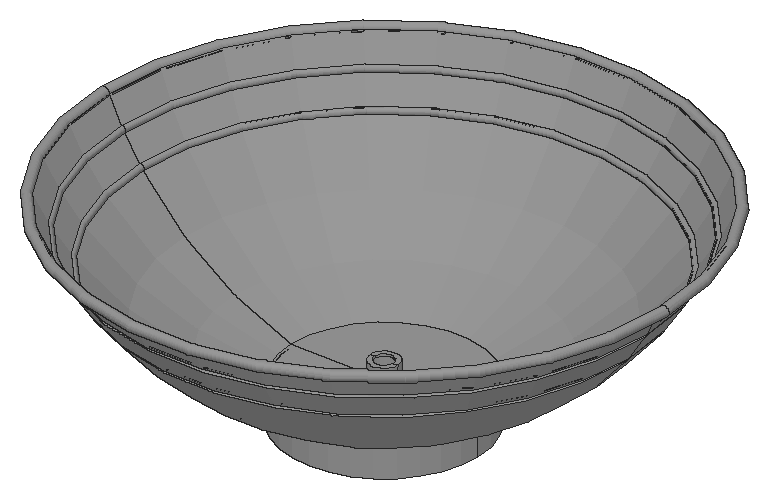
Revit family "L-FUC_식재대_YP-203A_예건", category 일반 모델, Revit 2021
Family settings
  보강 철근 호스트 가능 = 아니오
  원형 커넥터 치수 = 지름 사용
  부품 유형 = 보통
  작업 기준면 기반 = 아니오
  항상 수직 = 예
  로드될 때 보이드를 사용하여 절단 = 아니오
  공유 = 아니오
  룸 계산 점 = 아니오
Parameters
  한국산업규격KS = ""
  조달청표준공사코드-세부공종 = ""
  기본 입면도 = 0 mm
  건설정보분류체계-부위분류 = "E988"
  LIM_INFO_주의사항 = "재배포, 재가공, 판매 금지"
  LIM_INFO_제품업체 = "예건"
  LIM_INFO_제품번호 = "YF-16"
  LIM_INFO_제품명 = "펜스_YF-16"
  LIM_INFO_제작일 = "20230315"
  LIM_INFO_재료 = "Hardwood, STL-pipe, STL-plate"
  LIM_INFO_업체정보 = ""
  LIM_INFO_업체URL = "https://yekun.com/"
  LIM_INFO_업체TEL = "(+82)31-943-6114"
  LIM_INFO_업체EMAIL = "yekun@yekun.com"
  LIM_INFO_버전 = "2023_V01"
  LIM_INFO_기타정보 = ""
  LIM_INFO_규격 = "W2000 x H1800"
  LIM_INFO_가격 = 0
  LIM_INFO_PV_포장재여부 = yes
  LIM_INFO_PV_면적 = 0.00 m²
  KBIMS_식별-버전 = ""
  KBIMS_식별-bSK등록번호 = ""
  KBIMS_보급정보-저작자 = "림인포테크_MMJ"
  KBIMS_보급정보-보급코드 = ""
Reference planes
  plane 1 "중심(앞/뒤)": y = 0
  plane 2: z = 0
  plane 3 "중심(왼쪽/오른쪽)": x = 0
Dimensions and locks
  aligned and locked: level to plane 2
Nested families
  nested 1: "YP-203A_base" at (0, 0, 0), type "YP-203A_base"
Definition of nested family "YP-203A_base"
  Parameters (values of type "YP-203A_base")
    Default Elevation = 0 mm
  Reference planes
    plane 1 "중심(앞/뒤)": y = 0
    plane 2: z = 0
    plane 3 "중심(왼쪽/오른쪽)": x = 0
  Forms (mm)
    Revolve 1, solid, detail levels fine
      sketch origin (1907.459, 0, 1442.285) x (1, 0, 0) y (0, 0, 1)
        loop
          arc (-2505.094, -1017.675) -> (-2524.869, -1015.21) -> (-2505.796, -1020.986) r 10
          arc (-2505.796, -1020.986) -> (-2493.165, -1047.251) -> (-2479.343, -1072.91) r 635.805
          arc (-2479.343, -1072.91) -> (-2472.592, -1074.786) -> (-2474.346, -1081.57) r 5
          arc (-2474.346, -1081.57) -> (-2457.923, -1107.926) -> (-2440.148, -1133.391) r 595.685
          arc (-2440.148, -1133.391) -> (-2432.97, -1134.343) -> (-2434.271, -1141.466) r 5
          arc (-2434.271, -1141.466) -> (-2290.335, -1280.145) -> (-2110.459, -1367.285) r 635.805
          line (-2110.459, -1367.285) -> (-2110.459, -1442.285) -> (-2104.459, -1442.285) -> (-2104.459, -1367.285) -> (-1932.459, -1367.285) -> (-1932.459, -1365.285) -> (-1934.136, -1365.285) -> (-1934.136, -1328.485) -> (-1927.336, -1328.485) -> (-1927.336, -1325.285) -> (-1937.336, -1325.285) -> (-1937.336, -1365.285) -> (-2110.163, -1365.285)
          arc (-2110.163, -1365.285) -> (-2288.571, -1278.936) -> (-2431.583, -1141.704) r 633.805
          arc (-2431.583, -1141.704) -> (-2431.366, -1133.149) -> (-2439.588, -1130.776) r 7
          arc (-2439.588, -1130.776) -> (-2456.275, -1106.792) -> (-2471.762, -1082.015) r 593.685
          arc (-2471.762, -1082.015) -> (-2470.86, -1073.786) -> (-2478.438, -1070.451) r 7
          arc (-2478.438, -1070.451) -> (-2492.382, -1044.374) -> (-2505.094, -1017.675) r 633.805
        axis (-1907.459, -1017.675) -> (-1907.459, -1442.285)
      angle from 0 to 360
    Revolve 2, solid, detail levels coarse+medium
      sketch origin (1907.459, 0, 1442.285) x (1, 0, 0) y (0, 0, 1)
        loop
          line (-2110.557, -1367.285) -> (-2108.026, -1367.285) -> (-2108.026, -1365.285) -> (-2110.163, -1365.285) -> (-2222.213, -1319.298) -> (-2288.571, -1278.936) -> (-2362.122, -1219.138) -> (-2423.416, -1152.238) -> (-2439.588, -1130.776) -> (-2471.199, -1084.783) -> (-2510.467, -1007.037) -> (-2512.252, -1007.939) -> (-2472.924, -1085.805) -> (-2441.212, -1131.945) -> (-2424.955, -1153.518) -> (-2363.498, -1220.598) -> (-2289.727, -1280.574) -> (-2223.118, -1321.088) -> (-2110.557, -1367.285)
        axis (-1907.459, -1007.037) -> (-1907.459, -1367.285)
      angle from 0 to 360
    Extrusion 3, solid, detail levels coarse+medium
      sketch origin (-1600, 0, 0) x (1, 0, 0) y (0, 1, 0)
        loop
          line (1640.607, 198.897) -> (1535.494, 193.388) -> (1447.218, 136.061) -> (1399.433, 42.277) -> (1404.942, -62.836) -> (1462.269, -151.112) -> (1556.053, -198.897) -> (1661.166, -193.388) -> (1749.442, -136.061) -> (1797.227, -42.277) -> (1791.718, 62.836) -> (1734.391, 151.112) -> (1640.607, 198.897)
        loop
          line (1639.147, 190.308) -> (1538.574, 185.037) -> (1454.11, 130.186) -> (1408.388, 40.451) -> (1413.659, -60.122) -> (1468.51, -144.586) -> (1558.245, -190.308) -> (1658.818, -185.037) -> (1743.282, -130.186) -> (1789.004, -40.451) -> (1783.733, 60.122) -> (1728.882, 144.586) -> (1639.147, 190.308)
      from 0 to 77
    Extrusion 4, solid, detail levels coarse+medium
      sketch origin (-1600, 0, 0) x (1, 0, 0) y (0, 1, 0)
        loop
          line (1538.574, 185.037) -> (1454.11, 130.186) -> (1408.388, 40.451) -> (1413.659, -60.122) -> (1468.51, -144.586) -> (1558.245, -190.308) -> (1658.818, -185.037) -> (1743.282, -130.186) -> (1789.004, -40.451) -> (1783.733, 60.122) -> (1728.882, 144.586) -> (1639.147, 190.308) -> (1538.574, 185.037)
      from 0 to 2
  Dimensions and locks
    aligned and locked: level to plane 2
